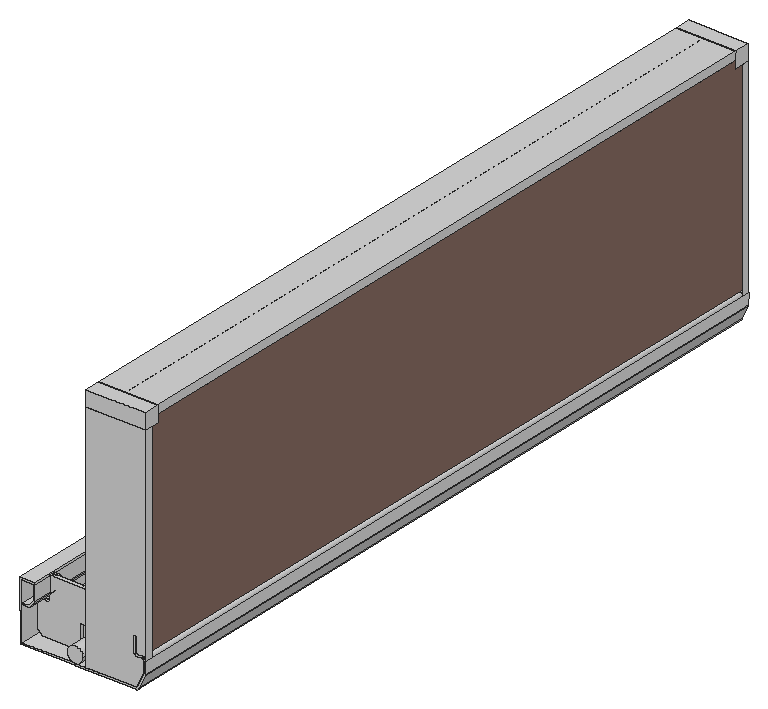
Revit family "ML_ML UNIVERSAL HINGED CORNER 4'_1920110", category Generic Models, Revit 2018
Family settings
  Can host rebar = No
  Round Connector Dimension = Use Diameter
  Part Type = Normal
  OmniClass Number = 35.51.14.00
  OmniClass Title = FORMWORK
  Work Plane-Based = Yes
  Always vertical = No
  Cut with Voids When Loaded = No
  Shared = Yes
  Room Calculation Point = No
Parameters
  VERSION = "20190101"  # constant formula
  URL = "www.ulmaconstruction.com/en"
  UNICLASS = ""
  REAL ANGLE [instance] = if(ANGLE < 5.00°, ANGLE, 5.00°)  # 0.00°
  ITEM_CODE = "1920110"
  Manufacturer = "ULMA CONSTRUCTION"  # constant formula
  INSERTION POINT [instance] = if(CHANGE INSERTION SIDE, 48", 0")  # 0"
  FILTER [instance] = ""
  Default Elevation = 0"
  CLASSIFICATION_TITLE = ""
  CLASSIFICATION_NUMBER = ""
  CHANGE INSERTION SIDE [instance] = no
  ANGLE [instance] = 0.00°
Reference planes (in)
  plane 1 "Centro (Frontal/Posterior)": y = 0
  plane 2: z = 0
  plane 3 "Centro (Izquierda/Derecha)": x = 0
  plane 4 "ITEM_HEIGHT": y = 48
  plane 5: x = -4.5
  plane 6 "INSERTION POINT": y = 0
  plane 7: z = 0.61024
  plane 8 "TIE HOLES 1": x = -6.5
  plane 9 "LATERAL HOLES 1": z = 1.5
Forms (in)
  Extrusion 1, solid, material "ULMA ZINC"
    sketch origin (-6, 0, 0) x (-1, 0, 0) y (0, 0, -1)
      loop
        line (-1.45276, -0.11811) -> (1.88189, -0.11811) -> (1.88189, -3.6811) -> (1.05512, -3.6811) -> (1.05512, -3.79921) -> (2, -3.79921) -> (2, 0) -> (-1.45276, 0) -> (-1.45276, -0.11811)
    from -48 to 0
  Extrusion 2, solid, material "ULMA ZINC", detail levels fine
    sketch origin (-6.03937, 0, 0.03937) x (1, 0, 0) y (0, 0, 1)
      loop
        arc (-1.11417, 2.69965) -> (-1.12167, 2.66198) -> (-1.143, 2.63005) r 0.09843
        line (-1.143, 2.63005) -> (-1.38202, 2.39103)
        arc (-1.38202, 2.39103) -> (-1.41395, 2.3697) -> (-1.45162, 2.3622) r 0.09843
        line (-1.45162, 2.3622) -> (-1.84252, 2.3622) -> (-1.84252, 2.26378) -> (-1.45162, 2.26378)
        arc (-1.45162, 2.26378) -> (-1.37629, 2.27876) -> (-1.31242, 2.32144) r 0.19685
        line (-1.31242, 2.32144) -> (-1.0734, 2.56045)
        arc (-1.0734, 2.56045) -> (-1.03073, 2.62432) -> (-1.01575, 2.69965) r 0.19685
        line (-1.01575, 2.69965) -> (-1.01575, 3.64173) -> (-1.11417, 3.64173) -> (-1.11417, 2.69965)
    from -48 to 0
  Extrusion 3, solid, material "ULMA ZINC"
    sketch origin (-4.5, 0, 0.45276) x (1, 0, 0) y (0, 0, 1)
      loop
        circle (0, 0.15748) r 0.49213
    from -48 to 0
  Extrusion 4, solid, material "ULMA ZINC", detail levels fine
    sketch origin (0, 0, 0) x (1, 0, 0) y (0, 0, 1)
      loop
        line (-5.2413, 2.39878) -> (-6.52642, 3.6839)
        arc (-6.52642, 3.6839) -> (-6.65415, 3.76924) -> (-6.80481, 3.79921) r 0.3937
        line (-6.80481, 3.79921) -> (-7.01575, 3.79921) -> (-7.01575, 2.24409) -> (-7.88189, 2.24409) -> (-7.88189, 0.51181) -> (-7.48819, 0.11811) -> (-5.12598, 0.11811) -> (-5.12598, 2.12039)
        arc (-5.12598, 2.12039) -> (-5.15595, 2.27105) -> (-5.2413, 2.39878) r 0.3937
    from -1.45669 to -1.29921
  Extrusion 5, solid, material "ULMA ZINC", detail levels fine
    sketch origin (0, 0, 0) x (1, 0, 0) y (0, 0, 1)
      loop
        line (-4.59449, 3.79921) -> (-7.01575, 3.79921) -> (-7.01575, 2.24409) -> (-7.88189, 2.24409) -> (-7.88189, 0.51181) -> (-7.48819, 0.11811) -> (-5.06693, 0.11811) -> (-5.06693, 1.67323) -> (-4.20079, 1.67323) -> (-4.20079, 3.40551) -> (-4.59449, 3.79921)
    from -1.29921 to -1.14173
  Extrusion 6, solid, material "ULMA ZINC", detail levels fine
    sketch origin (0, 24.44882, 0) x (1, 0, 0) y (0, 1, 0)
      loop
        line (-6.07087, -19.80315) -> (-7.05512, -19.80315) -> (-7.05512, -20) -> (-6.07087, -20)
        arc (-6.07087, -20) -> (-5.37489, -20.28828) -> (-5.08661, -20.98425) r 0.98425
        line (-5.08661, -20.98425) -> (-5.08661, -23.14961) -> (-4.88976, -23.14961) -> (-4.88976, -20.98425)
        arc (-4.88976, -20.98425) -> (-5.2357, -20.14909) -> (-6.07087, -19.80315) r 1.1811
    from 0.11811 to 3.79921
  Extrusion 7, solid, material "ULMA ZINC", detail levels fine
    sketch origin (0, 0, 0) x (1, 0, 0) y (0, 0, 1)
      loop
        line (-4.59449, 3.79921) -> (-7.01575, 3.79921) -> (-7.01575, 2.24409) -> (-7.88189, 2.24409) -> (-7.88189, 0.51181) -> (-7.48819, 0.11811) -> (-5.06693, 0.11811) -> (-5.06693, 1.67323) -> (-4.20079, 1.67323) -> (-4.20079, 3.40551) -> (-4.59449, 3.79921)
    from -13.07874 to -12.92126
  Extrusion 8, solid, material "ULMA ZINC", detail levels fine
    sketch origin (0, 36.22835, 0) x (1, 0, 0) y (0, 1, 0)
      loop
        line (-6.07087, -19.80315) -> (-7.05512, -19.80315) -> (-7.05512, -20) -> (-6.07087, -20)
        arc (-6.07087, -20) -> (-5.37489, -20.28828) -> (-5.08661, -20.98425) r 0.98425
        line (-5.08661, -20.98425) -> (-5.08661, -23.14961) -> (-4.88976, -23.14961) -> (-4.88976, -20.98425)
        arc (-4.88976, -20.98425) -> (-5.2357, -20.14909) -> (-6.07087, -19.80315) r 1.1811
    from 0.11811 to 3.79921
  Extrusion 9, solid, material "ULMA ZINC", detail levels fine
    sketch origin (0, 0, 0) x (1, 0, 0) y (0, 0, 1)
      loop
        line (-4.59449, 3.79921) -> (-7.01575, 3.79921) -> (-7.01575, 2.24409) -> (-7.88189, 2.24409) -> (-7.88189, 0.51181) -> (-7.48819, 0.11811) -> (-5.06693, 0.11811) -> (-5.06693, 1.67323) -> (-4.20079, 1.67323) -> (-4.20079, 3.40551) -> (-4.59449, 3.79921)
    from -46.70079 to -46.85827
  Extrusion 10, solid, material "ULMA ZINC", detail levels fine
    sketch origin (0, 24.44882, 0) x (1, 0, 0) y (0, 1, 0)
      loop
        arc (-6.07087, 18.90551) -> (-5.2357, 19.25145) -> (-4.88976, 20.08661) r 1.1811
        line (-4.88976, 20.08661) -> (-4.88976, 22.25197) -> (-5.08661, 22.25197) -> (-5.08661, 20.08661)
        arc (-5.08661, 20.08661) -> (-5.37489, 19.39064) -> (-6.07087, 19.10236) r 0.98425
        line (-6.07087, 19.10236) -> (-7.05512, 19.10236) -> (-7.05512, 18.90551) -> (-6.07087, 18.90551)
    from 0.11811 to 3.79921
  Extrusion 11, solid, material "ULMA ZINC", detail levels fine
    sketch origin (0, 0, 0) x (1, 0, 0) y (0, 0, 1)
      loop
        line (-4.59449, 3.79921) -> (-7.01575, 3.79921) -> (-7.01575, 2.24409) -> (-7.88189, 2.24409) -> (-7.88189, 0.51181) -> (-7.48819, 0.11811) -> (-5.06693, 0.11811) -> (-5.06693, 1.67323) -> (-4.20079, 1.67323) -> (-4.20079, 3.40551) -> (-4.59449, 3.79921)
    from -34.92126 to -35.07874
  Extrusion 12, solid, material "ULMA ZINC", detail levels fine
    sketch origin (0, 36.22835, 0) x (1, 0, 0) y (0, 1, 0)
      loop
        arc (-6.07087, -4.65354) -> (-5.2357, -4.30761) -> (-4.88976, -3.47244) r 1.1811
        line (-4.88976, -3.47244) -> (-4.88976, -1.30709) -> (-5.08661, -1.30709) -> (-5.08661, -3.47244)
        arc (-5.08661, -3.47244) -> (-5.37489, -4.16841) -> (-6.07087, -4.45669) r 0.98425
        line (-6.07087, -4.45669) -> (-7.05512, -4.45669) -> (-7.05512, -4.65354) -> (-6.07087, -4.65354)
    from 0.11811 to 3.79921
Cuts and joins
  joined: Extrusion 2, Extrusion 4
Lines and regions (in)
  model lines, style "ULMA PANELS", detail levels fine
    curve 1: circle (-8, 6, 1.5) r 0.3937 normal (1, 0, 0)
    curve 2: circle (-7.88189, 6, 1.5) r 0.3937 normal (1, 0, 0)
    curve 3: circle (-7.88189, 18, 1.5) r 0.3937 normal (1, 0, 0)
    curve 4: circle (-7.88189, 30, 1.5) r 0.3937 normal (1, 0, 0)
    curve 5: circle (-7.88189, 42, 1.5) r 0.3937 normal (1, 0, 0)
    curve 6: circle (-8, 18, 1.5) r 0.3937 normal (1, 0, 0)
    curve 7: circle (-8, 30, 1.5) r 0.3937 normal (1, 0, 0)
    curve 8: circle (-8, 42, 1.5) r 0.3937 normal (1, 0, 0)
    curve 12: circle (-6.5, 2, 0) r 0.61024 normal (0, 0, 1)
    curve 13: circle (-6.5, 2, 0.11811) r 0.61024 normal (0, 0, 1)
    curve 14: circle (-6.5, 14, 0) r 0.61024 normal (0, 0, 1)
    curve 15: circle (-6.5, 14, 0.11811) r 0.61024 normal (0, 0, 1)
    curve 16: circle (-6.5, 46, 0) r 0.61024 normal (0, 0, -1)
    curve 17: circle (-6.5, 46, 0.11811) r 0.61024 normal (0, 0, 1)
    curve 18: circle (-6.5, 34, 0) r 0.61024 normal (0, 0, -1)
    curve 19: circle (-6.5, 34, 0.11811) r 0.61024 normal (0, 0, 1)
  model lines, style "ULMA PANELS", detail levels medium
    curve 9: line (-8, 0, 0) -> (-8, 0, 3.79921)
    curve 10: line (-8, 0, 3.79921) -> (-8, 48, 3.79921)
    curve 11: line (-8, 48, 3.79921) -> (-8, 48, 0)
  reference lines
    curve 20: line (-4.5, 0, 0.61024) -> (9.5, 0, 0.61024)
  model lines, style "ULMA REFERENCE", detail levels fine
    curve 21: circle (-6.5, 46, 3.79921) r 0.61024 normal (0, 0, 1)
    curve 22: circle (-6.5, 34, 3.79921) r 0.61024 normal (0, 0, 1)
    curve 23: circle (-6.5, 14, 3.79921) r 0.61024 normal (0, 0, 1)
    curve 24: circle (-6.5, 2, 3.79921) r 0.61024 normal (0, 0, 1)
Dimensions and locks (in)
  locked: plane 1 "Centro (Frontal/Posterior)" to curve 2 at 6
  locked: plane 1 "Centro (Frontal/Posterior)" to plane 4 "ITEM_HEIGHT" at 48
  locked: curve 1 to plane 1 "Centro (Frontal/Posterior)" at 6
  locked: plane 3 "Centro (Izquierda/Derecha)" to plane 5 at 4.5
  Extrusion 5 sketch curve to Extrusion 5 sketch curve = 0.86614"
  Extrusion 7 sketch curve to Extrusion 7 sketch curve = 0.86614"
  Extrusion 9 sketch curve to Extrusion 9 sketch curve = 0.86614"
  Extrusion 11 sketch curve to Extrusion 11 sketch curve = 0.86614"
  "INSERTION POINT": plane 1 "Centro (Frontal/Posterior)" to plane 6 "INSERTION POINT"
  locked: plane 7 to plane 2 at 0.61024
  locked: plane 8 "TIE HOLES 1" to plane 3 "Centro (Izquierda/Derecha)" at 6.5
  locked: plane 2 to plane 9 "LATERAL HOLES 1" at 1.5
  "REAL ANGLE": angle plane 2 to curve 20
  aligned and locked: plane 4 "ITEM_HEIGHT" to Extrusion 3
  aligned and locked: Extrusion 3 to Extrusion 1
  aligned and locked: Extrusion 1 to Extrusion 2
  aligned and locked: plane 5 to curve 20
  aligned and locked: plane 7 to curve 20
  aligned and locked: nested 1 to plane 1 "Centro (Frontal/Posterior)"
Automatic sketch dimensions
  Extrusion 1 sketch curve to level = 0"
  Extrusion 1 sketch curve to plane 5 = 0.04724"
  Extrusion 1 sketch curve to plane 5 = 2.55512"
  Extrusion 1 sketch curve to level = 0.11811"
  Extrusion 1 sketch curve to Extrusion 1 sketch curve = 3.33465"
  Extrusion 1 sketch curve to Extrusion 1 sketch curve = 0.11811"  (x2)
  Extrusion 1 sketch curve to Extrusion 1 sketch curve = 3.56299"
  Extrusion 2 sketch curve to Extrusion 2 sketch curve = 0"  (x4)
  plane 5 to Extrusion 2 sketch curve = 3.38189"
  Extrusion 2 sketch curve to Extrusion 2 sketch curve = 0.3909"
  Extrusion 2 sketch curve to Extrusion 2 sketch curve = 0.0696"  (x4)
  Extrusion 2 sketch curve to Extrusion 2 sketch curve = 0.23902"  (x2)
  Extrusion 2 sketch curve to Extrusion 2 sketch curve = 0.09843"  (x3)
  level to Extrusion 2 sketch curve = 2.30315"
  Extrusion 2 sketch curve to Extrusion 2 sketch curve = 0.05766"
  Extrusion 2 sketch curve to Extrusion 2 sketch curve = 0.94208"
  plane 5 to Extrusion 3 sketch curve = 0"
  level to Extrusion 3 sketch curve = 0.61024"
  level to Extrusion 4 sketch curve = 0.51181"
  plane 5 to Extrusion 4 sketch curve = 3.38189"
  level to Extrusion 4 sketch curve = 0.11811"
  Extrusion 4 sketch curve to Extrusion 4 sketch curve = 0.3937"
  Extrusion 4 sketch curve to Extrusion 4 sketch curve = 0.86614"
  Extrusion 4 sketch curve to Extrusion 4 sketch curve = 27/128"
  Extrusion 4 sketch curve to Extrusion 4 sketch curve = 0.27839"  (x3)
  plane 5 to Extrusion 4 sketch curve = 1.01969"
  plane 5 to Extrusion 4 sketch curve = 0.62598"
  Extrusion 4 sketch curve to Extrusion 4 sketch curve = 2.00228"
  Extrusion 4 sketch curve to Extrusion 4 sketch curve = 0.12371"
  Extrusion 4 sketch curve to Extrusion 4 sketch curve = 1.16142"
  Extrusion 5 sketch curve to Extrusion 5 sketch curve = 0.3937"  (x3)
  Extrusion 5 sketch curve to Extrusion 5 sketch curve = 1.73228"  (x2)
  Extrusion 6 sketch curve to Extrusion 6 sketch curve = 0"  (x3)
  Extrusion 6 sketch curve to Extrusion 6 sketch curve = 0.98425"  (x2)
  Extrusion 6 sketch curve to Extrusion 6 sketch curve = 0.19685"
  Extrusion 5 sketch curve to Extrusion 5 sketch curve = 2.42126"
  Extrusion 5 sketch curve to Extrusion 5 sketch curve = 0.47244"
  Extrusion 5 sketch curve to Extrusion 5 sketch curve = 0.86614"
  Extrusion 5 sketch curve to Extrusion 5 sketch curve = 1.55512"
  curve 13 to Extrusion 6 = 0.55512"  (x2)
  Extrusion 6 to curve 13 = 2.44882"
  Extrusion 7 sketch curve to Extrusion 7 sketch curve = 0.3937"  (x3)
  Extrusion 7 sketch curve to Extrusion 7 sketch curve = 1.73228"  (x2)
  Extrusion 8 sketch curve to Extrusion 8 sketch curve = 0.98425"  (x2)
  Extrusion 8 sketch curve to Extrusion 8 sketch curve = 0.19685"
  Extrusion 7 sketch curve to Extrusion 7 sketch curve = 2.42126"
  Extrusion 7 sketch curve to Extrusion 7 sketch curve = 0.47244"
  Extrusion 7 sketch curve to Extrusion 7 sketch curve = 0.86614"
  Extrusion 7 sketch curve to Extrusion 7 sketch curve = 1.55512"
  curve 15 to Extrusion 8 = 0.55512"  (x2)
  Extrusion 8 to curve 15 = 2.22835"
  Extrusion 9 sketch curve to Extrusion 9 sketch curve = 0.3937"  (x3)
  Extrusion 9 sketch curve to Extrusion 9 sketch curve = 1.73228"  (x2)
  Extrusion 10 sketch curve to Extrusion 10 sketch curve = 0"  (x3)
  Extrusion 10 sketch curve to Extrusion 10 sketch curve = 0.98425"  (x2)
  Extrusion 10 sketch curve to Extrusion 10 sketch curve = 0.19685"
  Extrusion 9 sketch curve to Extrusion 9 sketch curve = 2.42126"
  Extrusion 9 sketch curve to Extrusion 9 sketch curve = 0.47244"
  Extrusion 9 sketch curve to Extrusion 9 sketch curve = 0.86614"
  Extrusion 9 sketch curve to Extrusion 9 sketch curve = 1.55512"
  curve 17 to Extrusion 10 = 0.55512"  (x2)
  curve 17 to Extrusion 10 = 2.44882"
  Extrusion 11 sketch curve to Extrusion 11 sketch curve = 0.3937"  (x3)
  Extrusion 11 sketch curve to Extrusion 11 sketch curve = 1.73228"  (x2)
  Extrusion 12 sketch curve to Extrusion 12 sketch curve = 0"  (x3)
  Extrusion 12 sketch curve to Extrusion 12 sketch curve = 0.98425"  (x2)
  Extrusion 12 sketch curve to Extrusion 12 sketch curve = 0.19685"
  Extrusion 11 sketch curve to Extrusion 11 sketch curve = 2.42126"
  Extrusion 11 sketch curve to Extrusion 11 sketch curve = 0.47244"
  Extrusion 11 sketch curve to Extrusion 11 sketch curve = 0.86614"
  Extrusion 11 sketch curve to Extrusion 11 sketch curve = 1.55512"
  curve 19 to Extrusion 12 = 0.55512"  (x2)
  curve 19 to Extrusion 12 = 2.22835"
  curve 9 to Extrusion 1 = 0"  (x3)
  curve 11 to Extrusion 1 = 0"  (x2)
  plane 9 "LATERAL HOLES 1" to curve 1 = 0"
  plane 9 "LATERAL HOLES 1" to curve 6 = 0"
  plane 9 "LATERAL HOLES 1" to curve 7 = 0"
  plane 9 "LATERAL HOLES 1" to curve 8 = 0"
  curve 12 to plane 8 "TIE HOLES 1" = 0"
  Extrusion 5 sketch curve to plane 7 = 0.09843"
  Extrusion 5 sketch curve to plane 8 "TIE HOLES 1" = 1.38189"
  plane 8 "TIE HOLES 1" to Extrusion 6 sketch curve = 0.55512"
  curve 13 to Extrusion 6 = 0.70079"
  Extrusion 1 to curve 24 = 0.55512"
  Extrusion 1 to curve 24 = 2"
  curve 14 to plane 8 "TIE HOLES 1" = 0"
  Extrusion 7 sketch curve to plane 7 = 0.09843"
  Extrusion 7 sketch curve to plane 8 "TIE HOLES 1" = 1.38189"
  Extrusion 8 sketch curve to Extrusion 8 sketch curve = 0"  (x3)
  plane 8 "TIE HOLES 1" to Extrusion 8 sketch curve = 0.55512"
  Extrusion 1 to curve 23 = 0.55512"
  curve 24 to curve 23 = 12"
  curve 15 to Extrusion 8 = 0.92126"
  curve 18 to plane 8 "TIE HOLES 1" = 0"
  Extrusion 11 sketch curve to plane 7 = 0.09843"
  Extrusion 11 sketch curve to plane 8 "TIE HOLES 1" = 1.38189"
  plane 8 "TIE HOLES 1" to Extrusion 12 sketch curve = 0.55512"
  Extrusion 1 to curve 22 = 0.55512"
  Extrusion 1 to curve 22 = 14"
  curve 19 to Extrusion 12 = 0.92126"
  curve 16 to plane 8 "TIE HOLES 1" = 0"
  Extrusion 9 sketch curve to plane 7 = 0.09843"
  Extrusion 9 sketch curve to plane 8 "TIE HOLES 1" = 1.38189"
  plane 8 "TIE HOLES 1" to Extrusion 10 sketch curve = 0.55512"
  Extrusion 1 to curve 21 = 0.55512"
  Extrusion 1 to curve 21 = 2"
  curve 17 to Extrusion 10 = 0.70079"
  curve 16 to plane 4 "ITEM_HEIGHT" = 2"
  plane 4 "ITEM_HEIGHT" to Extrusion 10 sketch curve = 1.29921"
  Extrusion 10 sketch curve to Extrusion 10 sketch curve = 2.16535"
  curve 8 to plane 4 "ITEM_HEIGHT" = 6"
  curve 18 to curve 16 = 12"
  plane 4 "ITEM_HEIGHT" to Extrusion 12 sketch curve = 13.07874"
  Extrusion 12 sketch curve to Extrusion 12 sketch curve = 2.16535"
  curve 7 to curve 6 = 12"
  curve 12 to curve 14 = 12"
  Extrusion 8 sketch curve to Extrusion 8 sketch curve = 2.16535"
  curve 8 to curve 7 = 12"
  curve 14 to plane 1 "Centro (Frontal/Posterior)" = 14"
  plane 1 "Centro (Frontal/Posterior)" to Extrusion 6 sketch curve = 4.64567"
  plane 1 "Centro (Frontal/Posterior)" to Extrusion 6 sketch curve = 1.29921"
  plane 1 "Centro (Frontal/Posterior)" to Extrusion 8 sketch curve = 16.4252"
  curve 1 to plane 1 "Centro (Frontal/Posterior)" = 6"
  plane 9 "LATERAL HOLES 1" to curve 2 = 0"
  curve 2 to plane 1 "Centro (Frontal/Posterior)" = 6"
  plane 9 "LATERAL HOLES 1" to curve 3 = 0"
  plane 9 "LATERAL HOLES 1" to curve 4 = 0"
  curve 2 to curve 3 = 12"
  curve 3 to curve 4 = 12"
  plane 9 "LATERAL HOLES 1" to curve 5 = 0"
  curve 5 to plane 4 "ITEM_HEIGHT" = 6"
  radius of curve 2 = 0.3937"  (x2)
  radius of curve 3 = 0.3937"  (x2)
  radius of curve 4 = 0.3937"  (x2)
  radius of curve 5 = 0.3937"  (x2)
  radius of curve 1 = 0.3937"  (x2)
  radius of curve 6 = 0.3937"  (x2)
  radius of curve 7 = 0.3937"  (x2)
  radius of curve 8 = 0.3937"  (x2)
  radius of Extrusion 3 sketch curve = 0.49213"
  radius of curve 12 = 0.61024"  (x2)
  radius of curve 13 = 0.61024"  (x2)
  radius of curve 15 = 0.61024"  (x2)
  radius of curve 14 = 0.61024"  (x2)
  radius of curve 16 = 0.61024"  (x2)
  radius of curve 17 = 0.61024"  (x2)
  radius of curve 19 = 0.61024"  (x2)
  radius of curve 18 = 0.61024"  (x2)
  radius of curve 21 = 0.61024"  (x2)
  radius of curve 22 = 0.61024"  (x2)
  radius of curve 23 = 0.61024"  (x2)
  radius of curve 24 = 0.61024"  (x2)
Nested families (in)
  nested 1: "MARCO G UNIVERSAL - 1920084_PANELS" at (-4.5, 48, 0.61024), type "MARCO G UNIVERSAL - 1920084_PANELS"
    with FILTER ""
Definition of nested family "MARCO G UNIVERSAL - 1920084_PANELS"
  Parameters (values of type "MARCO G UNIVERSAL - 1920084_PANELS")
    VERSION = "20190101"  # constant formula
    URL = "www.ulmaconstruction.com/en"
    UNICLASS = ""
    Manufacturer = "ULMA CONSTRUCTION"  # constant formula
    FILTER [instance] = ""
    Default Elevation = 0"
    CLASSIFICATION_TITLE = ""
    CLASSIFICATION_NUMBER = ""
  Reference planes (in)
    plane 1 "Centro (Frontal/Posterior)": y = 0
    plane 2: z = 0
    plane 3 "Centro (Izquierda/Derecha)": x = 0
    plane 4 "ITEM_HEIGHT": y = 48
    plane 5: y = 6
    plane 6: y = 42
    plane 7 "LATERAL HOLES": x = 3
    plane 8 "TIE HOLES": z = 13.88976
    plane 9: z = 12.88976
    plane 10: z = 10.88189
    plane 11: z = 8.88189
    plane 12: z = 6.88189
    plane 13: z = 4.88189
    plane 14: z = 12.88976
    plane 15: z = 10.88189
    plane 16: z = 8.88189
    plane 17: z = 6.88189
    plane 18: z = 4.88189
  Forms (in)
    Extrusion 1, solid, detail levels fine
      sketch origin (4.49989, 0, -13.27756) x (0, 1, 0) y (-1, 0, 0)
        loop
          line (0.47244, 0) -> (47.52756, 0) -> (47.52756, 0.64972) -> (0.47244, 0.64972) -> (0.47244, 0)
      from 14.83661 to 28.19488
    Extrusion 2, solid, detail levels fine
      sketch origin (3.12193, 35.50787, 29.38886) x (0, 0, -1) y (0, -1, 0)
        loop
          line (16.95276, -11.50775) -> (17.14961, -11.50775) -> (17.14961, -9.3424)
          arc (17.14961, -9.3424) -> (16.80367, -8.50723) -> (15.9685, -8.16129) r 1.1811
          line (15.9685, -8.16129) -> (14.98425, -8.16129) -> (14.98425, -8.35814) -> (15.9685, -8.35814)
          arc (15.9685, -8.35814) -> (16.66448, -8.64643) -> (16.95276, -9.3424) r 0.98425
          line (16.95276, -9.3424) -> (16.95276, -11.50775)
      from -0.72823 to 2.42126
    Extrusion 3, solid, detail levels fine
      sketch origin (-13.6694, 0, 4.22047) x (1, 0, 0) y (0, 0, 1)
        loop
          circle (15, 3.16929) r 0.3937
      from -4.52331 to -0.98425
    Extrusion 4, solid, detail levels fine
      sketch origin (9.72114, -11.50775, 29.38917) x (0, 0, -1) y (0, -1, 0)
        loop
          line (16.95276, -12.49213) -> (16.95276, -14.65748)
          arc (16.95276, -14.65748) -> (16.66448, -15.35345) -> (15.9685, -15.64173) r 0.98425
          line (15.9685, -15.64173) -> (14.98425, -15.64173) -> (14.98425, -15.83858) -> (15.9685, -15.83858)
          arc (15.9685, -15.83858) -> (16.80367, -15.49265) -> (17.14961, -14.65748) r 1.1811
          line (17.14961, -14.65748) -> (17.14961, -12.49213) -> (16.95276, -12.49213)
      from 5.87097 to 9.02046
    Extrusion 5, solid, detail levels fine
      sketch origin (0, 0, 0) x (1, 0, 0) y (0, 0, 1)
        loop
          line (0.04724, -0.49213) -> (0.04724, -0.61024) -> (3.88412, -0.61024)
          arc (3.88412, -0.61024) -> (4.01104, -0.57324) -> (4.09821, -0.47385) r 0.23622
          line (4.09821, -0.47385) -> (4.47787, 0.34033)
          arc (4.47787, 0.34033) -> (4.4944, 0.38904) -> (4.5, 0.44016) r 0.23622
          line (4.5, 0.44016) -> (4.5, 1.16535)
          arc (4.5, 1.16535) -> (4.43081, 1.33239) -> (4.26378, 1.40157) r 0.23622
          line (4.26378, 1.40157) -> (3.9685, 1.40157)
          arc (3.9685, 1.40157) -> (3.88499, 1.43617) -> (3.85039, 1.51969) r 0.11811
          line (3.85039, 1.51969) -> (3.85028, 2.39961) -> (3.73228, 2.39961) -> (3.73228, 1.51969)
          arc (3.73228, 1.51969) -> (3.80147, 1.35265) -> (3.9685, 1.28346) r 0.23622
          line (3.9685, 1.28346) -> (4.26378, 1.28346)
          arc (4.26378, 1.28346) -> (4.3473, 1.24887) -> (4.38189, 1.16535) r 0.11811
          line (4.38189, 1.16535) -> (4.38189, 0.44016)
          arc (4.38189, 0.44016) -> (4.37909, 0.4146) -> (4.37082, 0.39025) r 0.11811
          line (4.37082, 0.39025) -> (3.99117, -0.42393)
          arc (3.99117, -0.42393) -> (3.94758, -0.47363) -> (3.88412, -0.49213) r 0.11811
          line (3.88412, -0.49213) -> (0.04724, -0.49213)
      from -48 to 0
    Extrusion 6, solid, detail levels fine
      sketch origin (4.49989, 66.01575, 58.88976) x (0, 0, -1) y (1, 0, 0)
        loop
          line (43.5, 0) -> (43.5, -3.79921) -> (44.32736, -3.79921)
          arc (44.32736, -3.79921) -> (44.43872, -3.75309) -> (44.48484, -3.64173) r 0.15748
          line (44.48484, -3.64173) -> (44.48484, -2.6821)
          arc (44.48484, -2.6821) -> (44.47326, -2.62282) -> (44.44021, -2.57226) r 0.15748
          line (44.44021, -2.57226) -> (44.24381, -2.37047)
          arc (44.24381, -2.37047) -> (44.19221, -2.33523) -> (44.13096, -2.32283) r 0.15748
          line (44.13096, -2.32283) -> (43.77587, -2.32283)
          arc (43.77587, -2.32283) -> (43.71999, -2.29957) -> (43.69713, -2.24353) r 0.07874
          line (43.69713, -2.24353) -> (43.69713, -1.08193)
          arc (43.69713, -1.08193) -> (43.72527, -1.03996) -> (43.77314, -1.02374) r 0.07874
          line (43.77314, -1.02374) -> (44.32677, -1.02374)
          arc (44.32677, -1.02374) -> (44.43813, -0.97761) -> (44.48425, -0.86626) r 0.15748
          line (44.48425, -0.86626) -> (44.48425, -0.8072)
          arc (44.48425, -0.8072) -> (44.43813, -0.69584) -> (44.32677, -0.64972) r 0.15748
          line (44.32677, -0.64972) -> (43.97244, -0.64972) -> (43.97244, 0) -> (43.5, 0)
      from 19 to 65.0315
    Extrusion 7, solid, detail levels fine
      sketch origin (4.49977, -10.24409, -14.61811) x (0, 1, 0) y (-1, 0, 0)
        loop
          line (14.86614, 3.7991) -> (14.76772, 3.7991) -> (14.76772, 0.84634)
          arc (14.76772, 0.84634) -> (14.82537, 0.70715) -> (14.96457, 0.64949) r 0.19685
          line (14.96457, 0.64949) -> (17.52362, 0.64949)
          arc (17.52362, 0.64949) -> (17.66282, 0.70715) -> (17.72047, 0.84634) r 0.19685
          line (17.72047, 0.84634) -> (17.72047, 3.7991) -> (17.62205, 3.7991) -> (17.62205, 0.84634)
          arc (17.62205, 0.84634) -> (17.59322, 0.77675) -> (17.52362, 0.74792) r 0.09843
          line (17.52362, 0.74792) -> (14.96457, 0.74792)
          arc (14.96457, 0.74792) -> (14.89497, 0.77675) -> (14.86614, 0.84634) r 0.09843
          line (14.86614, 0.84634) -> (14.86614, 3.7991)
      from 14.12598 to 29.01575
    Extrusion 8, solid, detail levels fine
      sketch origin (4.49989, 31.22835, 8.20353) x (0, 1, 0) y (-1, 0, 0)
        loop
          line (5.26378, 3.79921) -> (4.27953, 3.79921) -> (4.27953, 0.64961) -> (5.26378, 0.64961) -> (5.26378, 3.79921)
      from -8.69566 to 6.20139
    Extrusion 9, solid, detail levels fine
      sketch origin (4.49977, 25.75591, -14.61811) x (0, 1, 0) y (-1, 0, 0)
        loop
          line (14.86614, 3.7991) -> (14.76772, 3.7991) -> (14.76772, 0.84634)
          arc (14.76772, 0.84634) -> (14.82537, 0.70715) -> (14.96457, 0.64949) r 0.19685
          line (14.96457, 0.64949) -> (17.52362, 0.64949)
          arc (17.52362, 0.64949) -> (17.66282, 0.70715) -> (17.72047, 0.84634) r 0.19685
          line (17.72047, 0.84634) -> (17.72047, 3.7991) -> (17.62205, 3.7991) -> (17.62205, 0.84634)
          arc (17.62205, 0.84634) -> (17.59322, 0.77675) -> (17.52362, 0.74792) r 0.09843
          line (17.52362, 0.74792) -> (14.96457, 0.74792)
          arc (14.96457, 0.74792) -> (14.89497, 0.77675) -> (14.86614, 0.84634) r 0.09843
          line (14.86614, 0.84634) -> (14.86614, 3.7991)
      from 14.12598 to 29.01575
    Extrusion 10, solid, detail levels fine
      sketch origin (-13.6694, 0, 4.22047) x (1, 0, 0) y (0, 0, 1)
        loop
          circle (15, 3.16929) r 0.3937
      from -47.01575 to -43.47669
    Extrusion 11, solid, detail levels fine
      sketch origin (4.49989, 7.22835, 8.20353) x (0, 1, 0) y (-1, 0, 0)
        loop
          line (5.26378, 3.79921) -> (4.27953, 3.79921) -> (4.27953, 0.64961) -> (5.26378, 0.64961) -> (5.26378, 3.79921)
      from -8.69566 to 6.20139
    Extrusion 12, void
      sketch origin (0, 0, 0) x (1, 0, 0) y (0, 0, 1)
        loop
          line (4.34252, 0.45276) -> (3.91855, -0.45644) -> (3.86254, -0.49213) -> (4.5, -0.49213) -> (4.5, 1.16142) -> (4.34252, 1.16142) -> (4.34252, 0.45276)
      from -48 to -47.52756
    Extrusion 13, void
      sketch origin (0, 48, 0) x (1, 0, 0) y (0, 0, -1)
        loop
          line (4.34252, -0.45276) -> (4.34252, -1.16142) -> (4.5, -1.16142) -> (4.5, 0.49213) -> (3.86254, 0.49213) -> (3.91855, 0.45644) -> (4.34252, -0.45276)
      from -48 to -47.52756
    Extrusion 14, solid, detail levels fine
      sketch origin (4.49989, 19.22835, 8.20353) x (0, 1, 0) y (-1, 0, 0)
        loop
          line (5.26378, 3.79921) -> (4.27953, 3.79921) -> (4.27953, 0.64961) -> (5.26378, 0.64961) -> (5.26378, 3.79921)
      from -8.69566 to 6.20139
    Extrusion 15, solid, detail levels fine
      sketch origin (9.72114, 0, 29.38917) x (0, 0, -1) y (0, -1, 0)
        loop
          line (16.95276, -12.49213) -> (16.95276, -14.65748)
          arc (16.95276, -14.65748) -> (16.66448, -15.35345) -> (15.9685, -15.64173) r 0.98425
          line (15.9685, -15.64173) -> (14.98425, -15.64173) -> (14.98425, -15.83858) -> (15.9685, -15.83858)
          arc (15.9685, -15.83858) -> (16.80367, -15.49265) -> (17.14961, -14.65748) r 1.1811
          line (17.14961, -14.65748) -> (17.14961, -12.49213) -> (16.95276, -12.49213)
      from 5.87097 to 9.02046
    Extrusion 16, solid, detail levels fine
      sketch origin (3.12193, 24.00012, 29.38886) x (0, 0, -1) y (0, -1, 0)
        loop
          line (16.95276, -11.50775) -> (17.14961, -11.50775) -> (17.14961, -9.3424)
          arc (17.14961, -9.3424) -> (16.80367, -8.50723) -> (15.9685, -8.16129) r 1.1811
          line (15.9685, -8.16129) -> (14.98425, -8.16129) -> (14.98425, -8.35814) -> (15.9685, -8.35814)
          arc (15.9685, -8.35814) -> (16.66448, -8.64643) -> (16.95276, -9.3424) r 0.98425
          line (16.95276, -9.3424) -> (16.95276, -11.50775)
      from -0.72823 to 2.42126
    Extrusion 17, solid, detail levels fine
      sketch origin (4.49989, 6.01575, 15.38817) x (0, 0, -1) y (0, -1, 0)
        loop
          line (0.98265, 6.01575) -> (-0.0016, 6.01575) -> (-0.0016, 5.0315) -> (0.98265, 5.0315) -> (0.98265, 6.01575)
      from 0 to 3.79921
    Extrusion 18, solid, detail levels fine
      sketch origin (4.49989, -43.5, -12.02725) x (1, 0, 0) y (0, 1, 0)
        loop
          line (0, 43.5) -> (0, 43.97244) -> (-0.64972, 43.97244) -> (-0.64972, 44.32677)
          arc (-0.64972, 44.32677) -> (-0.69584, 44.43813) -> (-0.8072, 44.48425) r 0.15748
          line (-0.8072, 44.48425) -> (-0.86626, 44.48425)
          arc (-0.86626, 44.48425) -> (-0.97761, 44.43813) -> (-1.02374, 44.32677) r 0.15748
          line (-1.02374, 44.32677) -> (-1.02374, 43.77314)
          arc (-1.02374, 43.77314) -> (-1.03996, 43.72527) -> (-1.08193, 43.69713) r 0.07874
          line (-1.08193, 43.69713) -> (-2.24353, 43.69713)
          arc (-2.24353, 43.69713) -> (-2.29957, 43.71999) -> (-2.32283, 43.77587) r 0.07874
          line (-2.32283, 43.77587) -> (-2.32283, 44.13096)
          arc (-2.32283, 44.13096) -> (-2.33523, 44.19221) -> (-2.37047, 44.24381) r 0.15748
          line (-2.37047, 44.24381) -> (-2.57226, 44.44021)
          arc (-2.57226, 44.44021) -> (-2.62282, 44.47326) -> (-2.6821, 44.48484) r 0.15748
          line (-2.6821, 44.48484) -> (-3.64173, 44.48484)
          arc (-3.64173, 44.48484) -> (-3.75309, 44.43872) -> (-3.79921, 44.32736) r 0.15748
          line (-3.79921, 44.32736) -> (-3.79921, 43.5) -> (0, 43.5)
      from 11.53513 to 26.43217
    Extrusion 19, solid, detail levels fine
      sketch origin (4.49989, 105.01575, 15.38817) x (0, 0, -1) y (0, -1, 0)
        loop
          line (0.98265, 58) -> (-0.0016, 58) -> (-0.0016, 57.01575) -> (0.98265, 57.01575) -> (0.98265, 58)
      from 0 to 3.79921
    Extrusion 20, solid, detail levels fine
      sketch origin (4.49989, 139.5, 7.9685) x (0, -1, 0) y (1, 0, 0)
        loop
          line (91.5, 0) -> (91.5, -3.79921) -> (92.32736, -3.79921)
          arc (92.32736, -3.79921) -> (92.43872, -3.75309) -> (92.48484, -3.64173) r 0.15748
          line (92.48484, -3.64173) -> (92.48484, -2.6821)
          arc (92.48484, -2.6821) -> (92.47326, -2.62282) -> (92.44021, -2.57226) r 0.15748
          line (92.44021, -2.57226) -> (92.24381, -2.37047)
          arc (92.24381, -2.37047) -> (92.19221, -2.33523) -> (92.13096, -2.32283) r 0.15748
          line (92.13096, -2.32283) -> (91.77587, -2.32283)
          arc (91.77587, -2.32283) -> (91.71999, -2.29957) -> (91.69713, -2.24353) r 0.07874
          line (91.69713, -2.24353) -> (91.69713, -1.08193)
          arc (91.69713, -1.08193) -> (91.72527, -1.03996) -> (91.77314, -1.02374) r 0.07874
          line (91.77314, -1.02374) -> (92.32677, -1.02374)
          arc (92.32677, -1.02374) -> (92.43813, -0.97761) -> (92.48425, -0.86626) r 0.15748
          line (92.48425, -0.86626) -> (92.48425, -0.8072)
          arc (92.48425, -0.8072) -> (92.43813, -0.69584) -> (92.32677, -0.64972) r 0.15748
          line (92.32677, -0.64972) -> (91.97244, -0.64972) -> (91.97244, 0) -> (91.5, 0)
      from -8.46063 to 6.42913
    Extrusion 21, solid, detail levels coarse+medium
      sketch origin (0, 0, 0) x (0, 1, 0) y (0, 0, 1)
        loop
          line (48, 15.38976) -> (0, 15.38976) -> (0, -0.61024) -> (48, -0.61024) -> (48, 15.38976)
      from 0.70067 to 4.49989
  Cuts and joins
    Extrusion 13 cuts Extrusion 18
    Extrusion 12 cuts Extrusion 20
  Lines and regions (in)
    model lines, detail levels fine
      curve 1: circle (3.75185, 6, 4.88189) r 0.41339 normal (-1, 0, 0)
      curve 2: circle (3.75185, 6, 6.88189) r 0.41339 normal (-1, 0, 0)
      curve 3: circle (3.75185, 6, 8.88189) r 0.41339 normal (-1, 0, 0)
      curve 4: circle (3.75185, 6, 10.88189) r 0.41339 normal (-1, 0, 0)
      curve 5: circle (3.75185, 6.00219, 12.88976) r 0.41339 normal (-1, 0, 0)
      curve 6: circle (4.49977, 6, 4.88189) r 0.41339 normal (-1, 0, 0)
      curve 7: circle (4.49977, 6, 6.88189) r 0.41339 normal (-1, 0, 0)
      curve 8: circle (4.49977, 6, 8.88189) r 0.41339 normal (-1, 0, 0)
      curve 9: circle (4.49977, 6, 10.88189) r 0.41339 normal (-1, 0, 0)
      curve 10: circle (4.49977, 6.00219, 12.88976) r 0.41339 normal (-1, 0, 0)
      curve 11: circle (2.27548, 35.50787, 5.39704) r 0.43898 normal (0, -1, 0)
      curve 12: circle (2.27548, 35.50787, 9.39704) r 0.43898 normal (0, -1, 0)
      curve 13: circle (2.27548, 36.49213, 5.39704) r 0.43898 normal (0, -1, 0)
      curve 14: circle (2.27548, 36.49213, 9.39704) r 0.43898 normal (0, -1, 0)
      curve 15: circle (3.75185, 42, 4.88189) r 0.41339 normal (-1, 0, 0)
      curve 16: circle (3.75185, 42, 6.88189) r 0.41339 normal (-1, 0, 0)
      curve 17: circle (3.75185, 42, 8.88189) r 0.41339 normal (-1, 0, 0)
      curve 18: circle (3.75185, 42, 10.88189) r 0.41339 normal (-1, 0, 0)
      curve 19: circle (3.75185, 42.00219, 12.88976) r 0.41339 normal (-1, 0, 0)
      curve 20: circle (4.49977, 42, 4.88189) r 0.41339 normal (-1, 0, 0)
      curve 21: circle (4.49977, 42, 6.88189) r 0.41339 normal (-1, 0, 0)
      curve 22: circle (4.49977, 42, 8.88189) r 0.41339 normal (-1, 0, 0)
      curve 23: circle (4.49977, 42, 10.88189) r 0.41339 normal (-1, 0, 0)
      curve 24: circle (4.49977, 42.00219, 12.88976) r 0.41339 normal (-1, 0, 0)
      curve 25: circle (2.27548, 11.50787, 5.39704) r 0.43898 normal (0, -1, 0)
      curve 26: circle (2.27548, 11.50787, 9.39704) r 0.43898 normal (0, -1, 0)
      curve 27: circle (2.27548, 12.49213, 5.39704) r 0.43898 normal (0, -1, 0)
      curve 28: circle (2.27548, 12.49213, 9.39704) r 0.43898 normal (0, -1, 0)
      curve 29: circle (4.49989, 45.50775, 13.88976) r 0.79724 normal (1, 0, 0)
      curve 30: circle (3.85017, 45.50775, 13.88976) r 0.79724 normal (1, 0, 0)
      curve 31: circle (3.85017, 2.49225, 13.88976) r 0.79724 normal (1, 0, 0)
      curve 32: circle (4.49989, 2.49225, 13.88976) r 0.79724 normal (1, 0, 0)
      curve 33: circle (2.27548, 23.50787, 5.39704) r 0.43898 normal (0, -1, 0)
      curve 34: circle (2.27548, 23.50787, 9.39704) r 0.43898 normal (0, -1, 0)
      curve 35: circle (2.27548, 24.49213, 5.39704) r 0.43898 normal (0, -1, 0)
      curve 36: circle (2.27548, 24.49213, 9.39704) r 0.43898 normal (0, -1, 0)
      curve 37: circle (3.85017, 14, 13.88976) r 0.79724 normal (1, 0, 0)
      curve 38: circle (4.49989, 14, 13.88976) r 0.79724 normal (1, 0, 0)
      curve 39: circle (4.49989, 34, 13.88976) r 0.79724 normal (1, 0, 0)
      curve 40: circle (3.85017, 34, 13.88976) r 0.79724 normal (1, 0, 0)
      curve 41: circle (3, 0, 9.38976) r 0.3937 normal (0, -1, 0)
      curve 42: circle (3, 0, 5.38976) r 0.3937 normal (0, -1, 0)
      curve 43: circle (3, 48, 9.38976) r 0.3937 normal (0, -1, 0)
      curve 44: circle (3, 48, 5.38976) r 0.3937 normal (0, -1, 0)
      curve 45: circle (3, 6, 15.38976) r 0.3937 normal (0, 0, 1)
      curve 46: circle (3, 18, 15.38976) r 0.3937 normal (0, 0, 1)
      curve 47: circle (3, 30, 15.38976) r 0.3937 normal (0, 0, 1)
      curve 48: circle (3, 42, 15.38976) r 0.3937 normal (0, 0, 1)
      curve 49: circle (3, 6, 15.19264) r 0.3937 normal (0, 0, 1)
      curve 50: circle (3, 18, 15.19264) r 0.3937 normal (0, 0, 1)
      curve 51: circle (3, 30, 15.19264) r 0.3937 normal (0, 0, 1)
      curve 52: circle (3, 42, 15.19264) r 0.3937 normal (0, 0, 1)
      curve 53: circle (0.70067, 2.49225, 13.88976) r 0.79724 normal (1, 0, 0)
      curve 54: circle (0.70067, 45.50775, 13.88976) r 0.79724 normal (1, 0, 0)
      curve 55: circle (0.70067, 34, 13.88976) r 0.79724 normal (1, 0, 0)
      curve 56: circle (0.70067, 14, 13.88976) r 0.79724 normal (1, 0, 0)
    model lines
      curve 57: line (4.49977, 0, 4.88189) -> (3.85028, 0, 4.88189)
      curve 58: line (4.49977, 0, 6.88189) -> (3.85028, 0, 6.88189)
      curve 59: line (4.49977, 0, 8.88189) -> (3.85028, 0, 8.88189)
      curve 60: line (4.49977, 0, 10.88189) -> (3.85028, 0, 10.88189)
      curve 61: line (4.49977, 0, 12.88976) -> (3.85028, 0, 12.88976)
      curve 62: line (4.49977, 48, 4.88189) -> (3.85028, 48, 4.88189)
      curve 63: line (4.49977, 48, 6.88189) -> (3.85028, 48, 6.88189)
      curve 64: line (4.49977, 48, 8.88189) -> (3.85028, 48, 8.88189)
      curve 65: line (4.49977, 48, 10.88189) -> (3.85028, 48, 10.88189)
      curve 66: line (4.49977, 48, 12.88976) -> (3.85028, 48, 12.88976)
  Dimensions and locks (in)
    locked: plane 1 "Centro (Frontal/Posterior)" to plane 4 "ITEM_HEIGHT" at 48
    locked: Extrusion 7 sketch curve to Extrusion 7 sketch curve at 0.09843  (x2)
    locked: Extrusion 7 sketch curve to plane 5 at 1.37795
    locked: plane 5 to Extrusion 7 sketch curve at 1.37795
    locked: Extrusion 9 sketch curve to Extrusion 9 sketch curve at 0.09843  (x2)
    locked: Extrusion 9 sketch curve to plane 6 at 1.37795
    locked: plane 6 to Extrusion 9 sketch curve at 1.37795
    plane 1 "Centro (Frontal/Posterior)" to plane 4 "ITEM_HEIGHT" = 48"
    locked: Extrusion 18 sketch curve to Extrusion 18 sketch curve at 0.98484
    locked: Extrusion 18 sketch curve to Extrusion 18 sketch curve at 0.19713
    locked: Extrusion 18 sketch curve to Extrusion 18 sketch curve at 0.47244
    locked: Extrusion 18 sketch curve to Extrusion 18 sketch curve at 0.98425
    locked: Extrusion 20 sketch curve to Extrusion 20 sketch curve at 0.98484
    locked: Extrusion 20 sketch curve to Extrusion 20 sketch curve at 0.19713
    locked: Extrusion 20 sketch curve to Extrusion 20 sketch curve at 0.98425
    locked: Extrusion 20 sketch curve to Extrusion 20 sketch curve at 0.47244
    locked: plane 2 to plane 8 "TIE HOLES" at 13.88976
    aligned and locked: plane 2 to level
    aligned and locked: plane 4 "ITEM_HEIGHT" to Extrusion 5
    aligned and locked: plane 1 "Centro (Frontal/Posterior)" to Extrusion 5
    aligned and locked: Extrusion 12 to Extrusion 1
    aligned and locked: Extrusion 6 to Extrusion 3
    aligned and locked: plane 1 "Centro (Frontal/Posterior)" to Extrusion 17
    aligned and locked: plane 1 "Centro (Frontal/Posterior)" to Extrusion 18
    aligned and locked: plane 4 "ITEM_HEIGHT" to Extrusion 19
    aligned and locked: plane 4 "ITEM_HEIGHT" to Extrusion 20
    aligned and locked: plane 4 "ITEM_HEIGHT" to Extrusion 12
